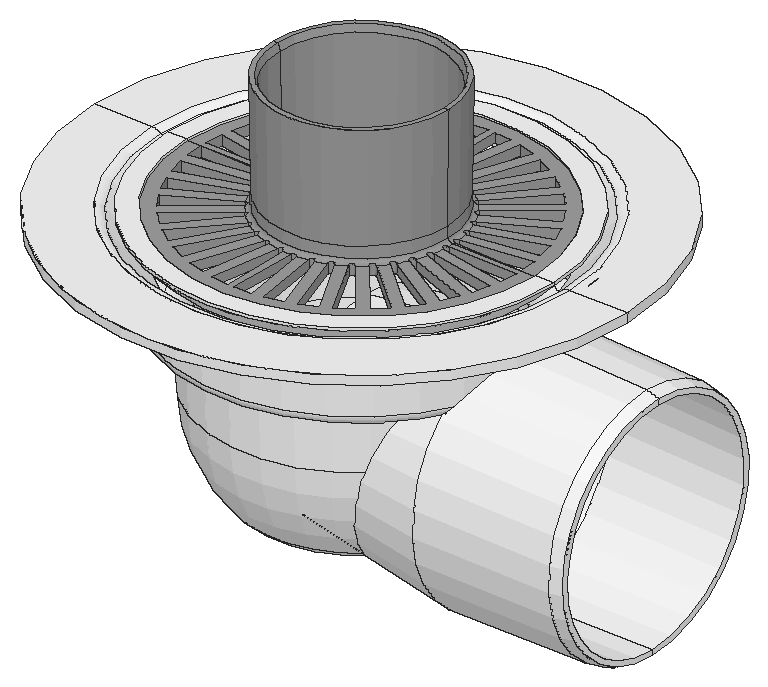
Revit family "3000.113.6-114.6 Down Pipe Junction 65x100 SE", category Plumbing Fixtures, Revit 2020
Family settings
  Round Connector Dimension = Use Diameter
  Part Type = Normal
  OmniClass Number = 23.13.41.39
  Work Plane-Based = No
  Always vertical = Yes
  Cut with Voids When Loaded = No
  Shared = No
  Room Calculation Point = No
Parameters (values of type "3000.113.6 65x100 Vented")
  Waste Connection = yes
  Vented = yes
  Vent Connection = no
  URL = "www.aquaknight.co.nz"
  Phone = "+6498322214"  # constant formula
  Non-Vented = no
  Model = "3000.113.6"
  Manufacturer = "Aquanight Industries Ltd"  # constant formula
  HW Connection = no
  Email = "info@aquaknight.co.nz"  # constant formula
  Description = "Down-Pipe Junction 65mm Inlet w 100mm Outlet Vented Side Exit Big Flange"
  Default Elevation = 0 mm
  CW Connection = no
Types (2, lengths in mm): name | Vented | Non-Vented | Model | Description
  3000.114.6 65x100 Non-Vented | no | yes | "3000.114.6" | "Down-Pipe Junction 65mm Inlet w 100mm Outlet Non-Vented Side Exit Big Flange"
  3000.113.6 65x100 Vented | yes | no | "3000.113.6" | "Down-Pipe Junction 65mm Inlet w 100mm Outlet Vented Side Exit Big Flange"
Reference planes
  plane 1 "Center (Front/Back)": y = 0
  plane 2: z = 0
  plane 3 "Center (Left/Right)": x = 0
  plane 4: z = 13.565
  plane 5: through (127.099, -1524, -78.504) normal (-0.0262, 0, -0.9997)
  plane 6: through (99.276, -1524, -17.442) normal (0.9997, 0, -0.0262)
Forms (mm)
  Revolve 1, solid, material "Plastic, Glossy White"
    sketch origin (0, 0, -4) x (1, 0, 0) y (0, 0, 1)
      loop
        line (-114.941, 0) -> (-90.95, 0)
        arc (-90.95, 0) -> (-89.953, -0.207) -> (-89.122, -0.795) r 2.5
        line (-89.122, -0.795) -> (-77.37, -13.398)
        arc (-77.37, -13.398) -> (-76.888, -14.146) -> (-76.7, -15.015) r 2.5
        line (-76.7, -15.015) -> (-76.041, -33.863)
        arc (-76.041, -33.863) -> (-74.945, -36.477) -> (-72.392, -37.708) r 4
        line (-72.392, -37.708) -> (-67.747, -38.114)
        arc (-67.747, -38.114) -> (-64.555, -39.654) -> (-63.185, -42.921) r 5
        line (-63.185, -42.921) -> (-62.476, -63.239)
        arc (-62.476, -63.239) -> (-58.06, -84.467) -> (-46.809, -103.001) r 64
        arc (-46.809, -103.001) -> (-43.138, -106) -> (-38.676, -107.602) r 14
        line (-38.676, -107.602) -> (0, -114.422) -> (0, -110.36) -> (-37.763, -103.701)
        arc (-37.763, -103.701) -> (-40.976, -102.549) -> (-43.623, -100.393) r 10.105
        arc (-43.623, -100.393) -> (-54.208, -83.003) -> (-58.363, -63.074) r 59.956
        line (-58.363, -63.074) -> (-59.078, -42.67)
        arc (-59.078, -42.67) -> (-61.586, -36.858) -> (-67.298, -34.13) r 9.009
        line (-67.298, -34.13) -> (-71.95, -33.723) -> (-72.694, -12.447) -> (-86.577, 2.424)
        arc (-86.577, 2.424) -> (-88.235, 3.588) -> (-90.217, 4) r 5.009
        line (-90.217, 4) -> (-115, 4) -> (-114.941, 0)
      loop
        line (-83.294, 3.294) -> (-75.5, -4.5) -> (-73.659, -4.5) -> (-73.659, 0) -> (-75.161, 0) -> (-75.161, 4.5) -> (-83.294, 4.5) -> (-83.294, 3.294)
      axis (0, 4.5) -> (0, -114.422)
    angle from 0 to 360
  Revolve 2, solid, material "Stainless Steel", visible <- "Non-Vented"
    sketch origin (0, 0, 0) x (1, 0, 0) y (0, 0, 1)
      loop
        line (-39.589, 4.5) -> (-83.625, 4.5) -> (-83.625, 0.5) -> (-34.907, 0.5) -> (-31.372, -3.036) -> (-30.57, -3.036) -> (-30.57, 1.118) -> (-34.442, 4.99) -> (-35.073, 52.927) -> (-35.924, 55.995) -> (-37.905, 55.995) -> (-37.262, 6.858)
        arc (-37.262, 6.858) -> (-37.932, 5.192) -> (-39.589, 4.5) r 2.327
      axis (0, 55.995) -> (0, -3.036)
    angle from 0 to 360
  Revolve 3, solid, material "Plastic, Glossy White"
    sketch origin (0, 0, 0) x (1, 0, 0) y (0, 0, 1)
      loop
        line (62.877, -129.509) -> (120.754, -129.866) -> (125.789, -128.55) -> (125.849, -126.257) -> (67.483, -126.259) -> (0, -114.36) -> (0, -118.422) -> (62.877, -129.509)
      axis (127.099, -78.504) -> (1.025, -75.202)
    angle from 0 to 360
  Revolve 4, solid, material "Stainless Steel", visible <- "Vented"
    sketch origin (0, 0, 0) x (1, 0, 0) y (0, 0, 1)
      loop
        line (-37.905, 51.495) -> (-37.316, 6.5) -> (-37.517, 1.764)
        arc (-37.517, 1.764) -> (-38.082, 0.512) -> (-39.357, 0) r 1.842
        line (-39.357, 0) -> (-74.75, 0) -> (-74.75, -4) -> (-35.1, -4) -> (-31.651, -7.448) -> (-30.525, -7.448) -> (-30.896, -3.048) -> (-34.442, 0.488) -> (-35.073, 48.443) -> (-35.924, 51.495) -> (-37.905, 51.495)
      axis (0, 51.495) -> (0, -7.448)
    angle from 0 to 360
  Extrusion 5, void
    sketch origin (0, 0, 0) x (0, 1, 0) y (-1, 0, 0)
      loop
        line (66.053, 19.783) -> (38.103, 10.576)
        arc (38.103, 10.576) -> (37.29, 9.124) -> (38.665, 8.188) r 1.231
        line (38.665, 8.188) -> (67.789, 12.402)
        arc (67.789, 12.402) -> (67.021, 16.116) -> (66.053, 19.783) r 70.4
      loop
        line (61.502, 31.175) -> (35.626, 17.16)
        arc (35.626, 17.16) -> (35.083, 15.588) -> (36.602, 14.91) r 1.231
        line (36.602, 14.91) -> (64.519, 24.218)
        arc (64.519, 24.218) -> (63.104, 27.737) -> (61.502, 31.175) r 70.4
      loop
        line (55.016, 41.565) -> (32.028, 23.193)
        arc (32.028, 23.193) -> (31.771, 21.549) -> (33.387, 21.151) r 1.231
        line (33.387, 21.151) -> (59.216, 35.252)
        arc (59.216, 35.252) -> (57.201, 38.465) -> (55.016, 41.565) r 70.4
      loop
        line (46.78, 50.657) -> (27.411, 28.502)
        arc (27.411, 28.502) -> (27.45, 26.838) -> (29.11, 26.732) r 1.231
        line (29.11, 26.732) -> (52.032, 45.187)
        arc (52.032, 45.187) -> (49.479, 47.993) -> (46.78, 50.657) r 70.4
      loop
        line (37.167, 58.078) -> (21.986, 32.869)
        arc (21.986, 32.869) -> (22.316, 31.238) -> (23.969, 31.425) r 1.231
        line (23.969, 31.425) -> (43.297, 53.615)
        arc (43.297, 53.615) -> (40.292, 55.929) -> (37.167, 58.078) r 70.4
      loop
        line (26.287, 63.745) -> (15.813, 36.244)
        arc (15.813, 36.244) -> (16.427, 34.698) -> (18.021, 35.175) r 1.231
        line (18.021, 35.175) -> (33.111, 60.439)
        arc (33.111, 60.439) -> (29.743, 62.184) -> (26.287, 63.745) r 70.4
      loop
        line (14.593, 67.39) -> (9.151, 38.47)
        arc (9.151, 38.47) -> (10.028, 37.057) -> (11.513, 37.808) r 1.231
        line (11.513, 37.808) -> (21.895, 65.344)
        arc (21.895, 65.344) -> (18.272, 66.465) -> (14.593, 67.39) r 70.4
      loop
        line (2.42, 68.91) -> (2.189, 39.483)
        arc (2.189, 39.483) -> (3.303, 38.248) -> (4.631, 39.25) r 1.231
        line (4.631, 39.25) -> (9.969, 68.189)
        arc (9.969, 68.189) -> (6.204, 68.651) -> (2.42, 68.91) r 70.4
      loop
        line (68.515, 7.754) -> (39.375, 3.65)
        arc (39.375, 3.65) -> (38.317, 2.366) -> (39.504, 1.2) r 1.231
        line (39.504, 1.2) -> (68.914, 0.181)
        arc (68.914, 0.181) -> (68.817, 3.973) -> (68.515, 7.754) r 70.4
      loop
        line (-19.783, 66.053) -> (-10.576, 38.103)
        arc (-10.576, 38.103) -> (-9.124, 37.29) -> (-8.188, 38.665) r 1.231
        line (-8.188, 38.665) -> (-12.402, 67.789)
        arc (-12.402, 67.789) -> (-16.116, 67.021) -> (-19.783, 66.053) r 70.4
      loop
        line (-31.175, 61.502) -> (-17.16, 35.626)
        arc (-17.16, 35.626) -> (-15.588, 35.083) -> (-14.91, 36.602) r 1.231
        line (-14.91, 36.602) -> (-24.218, 64.519)
        arc (-24.218, 64.519) -> (-27.737, 63.104) -> (-31.175, 61.502) r 70.4
      loop
        line (-41.565, 55.016) -> (-23.193, 32.028)
        arc (-23.193, 32.028) -> (-21.549, 31.771) -> (-21.151, 33.387) r 1.231
        line (-21.151, 33.387) -> (-35.252, 59.216)
        arc (-35.252, 59.216) -> (-38.465, 57.201) -> (-41.565, 55.016) r 70.4
      loop
        line (-50.657, 46.78) -> (-28.502, 27.411)
        arc (-28.502, 27.411) -> (-26.838, 27.45) -> (-26.732, 29.11) r 1.231
        line (-26.732, 29.11) -> (-45.187, 52.032)
        arc (-45.187, 52.032) -> (-47.993, 49.479) -> (-50.657, 46.78) r 70.4
      loop
        line (-58.078, 37.167) -> (-32.869, 21.986)
        arc (-32.869, 21.986) -> (-31.238, 22.316) -> (-31.425, 23.969) r 1.231
        line (-31.425, 23.969) -> (-53.615, 43.297)
        arc (-53.615, 43.297) -> (-55.929, 40.292) -> (-58.078, 37.167) r 70.4
      loop
        line (-63.745, 26.287) -> (-36.244, 15.813)
        arc (-36.244, 15.813) -> (-34.698, 16.427) -> (-35.175, 18.021) r 1.231
        line (-35.175, 18.021) -> (-60.439, 33.111)
        arc (-60.439, 33.111) -> (-62.184, 29.743) -> (-63.745, 26.287) r 70.4
      loop
        line (-67.39, 14.593) -> (-38.47, 9.151)
        arc (-38.47, 9.151) -> (-37.057, 10.028) -> (-37.808, 11.513) r 1.231
        line (-37.808, 11.513) -> (-65.344, 21.895)
        arc (-65.344, 21.895) -> (-66.465, 18.272) -> (-67.39, 14.593) r 70.4
      loop
        line (-68.91, 2.42) -> (-39.483, 2.189)
        arc (-39.483, 2.189) -> (-38.248, 3.303) -> (-39.25, 4.631) r 1.231
        line (-39.25, 4.631) -> (-68.189, 9.969)
        arc (-68.189, 9.969) -> (-68.651, 6.204) -> (-68.91, 2.42) r 70.4
      loop
        line (-7.754, 68.515) -> (-3.65, 39.375)
        arc (-3.65, 39.375) -> (-2.366, 38.317) -> (-1.2, 39.504) r 1.231
        line (-1.2, 39.504) -> (-0.181, 68.914)
        arc (-0.181, 68.914) -> (-3.973, 68.817) -> (-7.754, 68.515) r 70.4
      loop
        line (-66.053, -19.783) -> (-38.103, -10.576)
        arc (-38.103, -10.576) -> (-37.29, -9.124) -> (-38.665, -8.188) r 1.231
        line (-38.665, -8.188) -> (-67.789, -12.402)
        arc (-67.789, -12.402) -> (-67.021, -16.116) -> (-66.053, -19.783) r 70.4
      loop
        line (-61.502, -31.175) -> (-35.626, -17.16)
        arc (-35.626, -17.16) -> (-35.083, -15.588) -> (-36.602, -14.91) r 1.231
        line (-36.602, -14.91) -> (-64.519, -24.218)
        arc (-64.519, -24.218) -> (-63.104, -27.737) -> (-61.502, -31.175) r 70.4
      loop
        line (-55.016, -41.565) -> (-32.028, -23.193)
        arc (-32.028, -23.193) -> (-31.771, -21.549) -> (-33.387, -21.151) r 1.231
        line (-33.387, -21.151) -> (-59.216, -35.252)
        arc (-59.216, -35.252) -> (-57.201, -38.465) -> (-55.016, -41.565) r 70.4
      loop
        line (-46.78, -50.657) -> (-27.411, -28.502)
        arc (-27.411, -28.502) -> (-27.45, -26.838) -> (-29.11, -26.732) r 1.231
        line (-29.11, -26.732) -> (-52.032, -45.187)
        arc (-52.032, -45.187) -> (-49.479, -47.993) -> (-46.78, -50.657) r 70.4
      loop
        line (-37.167, -58.078) -> (-21.986, -32.869)
        arc (-21.986, -32.869) -> (-22.316, -31.238) -> (-23.969, -31.425) r 1.231
        line (-23.969, -31.425) -> (-43.297, -53.615)
        arc (-43.297, -53.615) -> (-40.292, -55.929) -> (-37.167, -58.078) r 70.4
      loop
        line (-26.287, -63.745) -> (-15.813, -36.244)
        arc (-15.813, -36.244) -> (-16.427, -34.698) -> (-18.021, -35.175) r 1.231
        line (-18.021, -35.175) -> (-33.111, -60.439)
        arc (-33.111, -60.439) -> (-29.743, -62.184) -> (-26.287, -63.745) r 70.4
      loop
        line (-14.593, -67.39) -> (-9.151, -38.47)
        arc (-9.151, -38.47) -> (-10.028, -37.057) -> (-11.513, -37.808) r 1.231
        line (-11.513, -37.808) -> (-21.895, -65.344)
        arc (-21.895, -65.344) -> (-18.272, -66.465) -> (-14.593, -67.39) r 70.4
      loop
        line (-2.42, -68.91) -> (-2.189, -39.483)
        arc (-2.189, -39.483) -> (-3.303, -38.248) -> (-4.631, -39.25) r 1.231
        line (-4.631, -39.25) -> (-9.969, -68.189)
        arc (-9.969, -68.189) -> (-6.204, -68.651) -> (-2.42, -68.91) r 70.4
      loop
        line (-68.515, -7.754) -> (-39.375, -3.65)
        arc (-39.375, -3.65) -> (-38.317, -2.366) -> (-39.504, -1.2) r 1.231
        line (-39.504, -1.2) -> (-68.914, -0.181)
        arc (-68.914, -0.181) -> (-68.817, -3.973) -> (-68.515, -7.754) r 70.4
      loop
        line (19.783, -66.053) -> (10.576, -38.103)
        arc (10.576, -38.103) -> (9.124, -37.29) -> (8.188, -38.665) r 1.231
        line (8.188, -38.665) -> (12.402, -67.789)
        arc (12.402, -67.789) -> (16.116, -67.021) -> (19.783, -66.053) r 70.4
      loop
        line (31.175, -61.502) -> (17.16, -35.626)
        arc (17.16, -35.626) -> (15.588, -35.083) -> (14.91, -36.602) r 1.231
        line (14.91, -36.602) -> (24.218, -64.519)
        arc (24.218, -64.519) -> (27.737, -63.104) -> (31.175, -61.502) r 70.4
      loop
        line (41.565, -55.016) -> (23.193, -32.028)
        arc (23.193, -32.028) -> (21.549, -31.771) -> (21.151, -33.387) r 1.231
        line (21.151, -33.387) -> (35.252, -59.216)
        arc (35.252, -59.216) -> (38.465, -57.201) -> (41.565, -55.016) r 70.4
      loop
        line (50.657, -46.78) -> (28.502, -27.411)
        arc (28.502, -27.411) -> (26.838, -27.45) -> (26.732, -29.11) r 1.231
        line (26.732, -29.11) -> (45.187, -52.032)
        arc (45.187, -52.032) -> (47.993, -49.479) -> (50.657, -46.78) r 70.4
      loop
        line (58.078, -37.167) -> (32.869, -21.986)
        arc (32.869, -21.986) -> (31.238, -22.316) -> (31.425, -23.969) r 1.231
        line (31.425, -23.969) -> (53.615, -43.297)
        arc (53.615, -43.297) -> (55.929, -40.292) -> (58.078, -37.167) r 70.4
      loop
        line (63.745, -26.287) -> (36.244, -15.813)
        arc (36.244, -15.813) -> (34.698, -16.427) -> (35.175, -18.021) r 1.231
        line (35.175, -18.021) -> (60.439, -33.111)
        arc (60.439, -33.111) -> (62.184, -29.743) -> (63.745, -26.287) r 70.4
      loop
        line (67.39, -14.593) -> (38.47, -9.151)
        arc (38.47, -9.151) -> (37.057, -10.028) -> (37.808, -11.513) r 1.231
        line (37.808, -11.513) -> (65.344, -21.895)
        arc (65.344, -21.895) -> (66.465, -18.272) -> (67.39, -14.593) r 70.4
      loop
        line (68.91, -2.42) -> (39.483, -2.189)
        arc (39.483, -2.189) -> (38.248, -3.303) -> (39.25, -4.631) r 1.231
        line (39.25, -4.631) -> (68.189, -9.969)
        arc (68.189, -9.969) -> (68.651, -6.204) -> (68.91, -2.42) r 70.4
      loop
        line (7.754, -68.515) -> (3.65, -39.375)
        arc (3.65, -39.375) -> (2.366, -38.317) -> (1.2, -39.504) r 1.231
        line (1.2, -39.504) -> (0.181, -68.914)
        arc (0.181, -68.914) -> (3.973, -68.817) -> (7.754, -68.515) r 70.4
    from -22.418 to 35.705
Cuts and joins
  Extrusion 5 cuts Revolve 4
Lines and regions (mm)
  Masking region 1
    outline origin (0, 0, 0) x (0, 1, 0) y (-1, 0, 0)
      loop
        circle (0, 0) r 115
  model lines, detail levels fine
    curve 1: circle (-57.543, 56.127, 0) r 4 normal (0, 0, 1)
    curve 2: circle (55.594, 56.127, 0) r 4 normal (0, 0, 1)
    curve 3: circle (55.594, -57.01, 0) r 4 normal (0, 0, 1)
    curve 4: circle (-57.543, -57.01, 0) r 4 normal (0, 0, 1)
    curve 6: circle (-0.114, 104.919, 0) r 4.5 normal (0, 0, 1)
    curve 7: circle (-91.047, 52.419, 0) r 4.5 normal (0, 0, 1)
    curve 8: circle (90.819, 52.419, 0) r 4.5 normal (0, 0, 1)
    curve 9: circle (90.819, -52.581, 0) r 4.5 normal (0, 0, 1)
    curve 10: circle (-0.114, -105.081, 0) r 4.5 normal (0, 0, 1)
    curve 11: circle (-91.047, -52.581, 0) r 4.5 normal (0, 0, 1)
    curve 12: circle (0, 105, 0) r 4.5 normal (0, 0, 1)
  model lines
    curve 5: line (125.849, 0, -126.257) -> (128.35, 0, -30.751)
  symbolic lines, detail levels fine
    curve 13: circle (-90.933, 52.5, 0) r 4.5 normal (0, 0, 1)
    curve 14: circle (-90.933, -52.5, 0) r 4.5 normal (0, 0, 1)
    curve 15: circle (0, -105, 0) r 4.5 normal (0, 0, 1)
    curve 16: circle (90.933, -52.5, 0) r 4.5 normal (0, 0, 1)
    curve 17: circle (90.933, 52.5, 0) r 4.5 normal (0, 0, 1)
    curve 18: circle (0, 105, 0) r 4.5 normal (0, 0, 1)
  symbolic lines, detail levels medium+fine
    curve 19: circle (0, 0, 0) r 86.577 normal (0, 0, 1)
    curve 21: circle (0, 0, 0) r 35 normal (0, 0, 1)
    curve 22: circle (0, 0, 0) r 30.896 normal (0, 0, 1)
  symbolic lines, visible <- "Non-Vented", detail levels medium+fine
    curve 20: circle (0, 0, 0) r 75.5 normal (0, 0, 1)
Dimensions and locks
  locked: plane 4 to level at 13.565
  locked: connector elem to plane 3 "Center (Left/Right)"
  locked: connector elem to plane 1 "Center (Front/Back)"  (x2)
  locked: connector elem to plane 5
  aligned and locked: level to plane 2
  aligned and locked: Revolve 1 sketch curve to Revolve 1 sketch curve
  aligned and locked: Revolve 3 sketch curve to curve 5
  aligned and locked: Revolve 3 sketch curve to plane 3 "Center (Left/Right)"
  aligned and locked: Revolve 3 sketch curve to plane 5
  aligned and locked: Revolve 1 to Revolve 4 sketch curve
  aligned and locked: curve 18 to curve 12
Automatic sketch dimensions
  plane 1 "Center (Front/Back)" to curve 4 = 57.01 mm
  curve 2 to plane 1 "Center (Front/Back)" = 56.127 mm
  curve 4 to plane 3 "Center (Left/Right)" = 57.543 mm
  Revolve 1 sketch curve to level = 0 mm
  Revolve 1 sketch curve to plane 3 "Center (Left/Right)" = 0 mm
  Revolve 1 sketch curve to level = 4.795 mm
  Revolve 1 sketch curve to level = 0.706 mm
  Revolve 1 sketch curve to level = 17.398 mm
  Revolve 1 sketch curve to level = 19.015 mm
  Revolve 1 sketch curve to level = 37.863 mm
  Revolve 1 sketch curve to level = 8.5 mm
  Revolve 1 sketch curve to level = 41.708 mm
  Revolve 1 sketch curve to Revolve 1 sketch curve = 0.106 mm
  Revolve 1 sketch curve to level = 42.114 mm
  level to Revolve 1 sketch curve = 0.5 mm
  Revolve 1 sketch curve to Revolve 1 sketch curve = 0.448 mm
  Revolve 1 sketch curve to level = 38.13 mm
  Revolve 1 sketch curve to Revolve 1 sketch curve = 0.001 mm
  Revolve 1 sketch curve to Revolve 1 sketch curve = 3.186 mm
  Revolve 1 sketch curve to Revolve 1 sketch curve = 0 mm  (x9)
  Revolve 1 sketch curve to Revolve 1 sketch curve = 0.71 mm
  Revolve 1 sketch curve to Revolve 1 sketch curve = 4.947 mm
  Revolve 1 sketch curve to Revolve 1 sketch curve = 4.112 mm
  Revolve 1 sketch curve to Revolve 1 sketch curve = 0.913 mm
  Revolve 3 sketch curve to plane 3 "Center (Left/Right)" = 9.429 mm
  Revolve 3 sketch curve to level = 78.504 mm
  Revolve 2 sketch curve to plane 3 "Center (Left/Right)" = 0 mm
  Revolve 2 sketch curve to plane 4 = 6.737 mm
  level to Revolve 2 sketch curve = 0.5 mm
  Revolve 2 sketch curve to Revolve 2 sketch curve = 44.036 mm
  Revolve 2 sketch curve to plane 4 = 6.707 mm
  Revolve 2 sketch curve to Revolve 2 sketch curve = 4.681 mm
  Revolve 2 sketch curve to Revolve 2 sketch curve = 3.536 mm
  Revolve 2 sketch curve to Revolve 2 sketch curve = 0.802 mm
  Revolve 2 sketch curve to level = 3.036 mm
  level to Revolve 2 sketch curve = 1.118 mm
  level to Revolve 2 sketch curve = 4.99 mm
  Revolve 2 sketch curve to plane 4 = 2.069 mm
  Revolve 2 sketch curve to Revolve 2 sketch curve = 25.5 mm
  Revolve 1 sketch curve to plane 3 "Center (Left/Right)" = 36.008 mm
  Revolve 1 sketch curve to Revolve 1 sketch curve = 0.237 mm
  Revolve 1 sketch curve to Revolve 1 sketch curve = 2.431 mm
  Revolve 1 sketch curve to Revolve 1 sketch curve = 22.833 mm
  Revolve 1 sketch curve to Revolve 1 sketch curve = 3.398 mm
  Revolve 1 sketch curve to Revolve 1 sketch curve = 4.561 mm
  Revolve 1 sketch curve to Revolve 1 sketch curve = 4.891 mm
  Revolve 1 sketch curve to Revolve 1 sketch curve = 4.652 mm
  Revolve 1 sketch curve to Revolve 1 sketch curve = 0.093 mm
  Revolve 1 sketch curve to Revolve 1 sketch curve = 0.349 mm
  Revolve 1 sketch curve to level = 16.447 mm
  Revolve 1 sketch curve to Revolve 1 sketch curve = 0.65 mm
  Revolve 1 sketch curve to Revolve 1 sketch curve = 0.964 mm
  Revolve 1 sketch curve to Revolve 1 sketch curve = 1.502 mm
  Revolve 1 sketch curve to Revolve 1 sketch curve = 1.841 mm
  Revolve 1 sketch curve to Revolve 1 sketch curve = 3.998 mm
  Revolve 1 sketch curve to Revolve 1 sketch curve = 4.005 mm
  Revolve 1 sketch curve to Revolve 1 sketch curve = 0.67 mm
  Revolve 1 sketch curve to Revolve 1 sketch curve = 1.828 mm
  Revolve 1 sketch curve to Revolve 1 sketch curve = 8.133 mm
  Revolve 1 sketch curve to level = 1.576 mm
  Revolve 1 sketch curve to Revolve 1 sketch curve = 3.283 mm
  Revolve 1 sketch curve to Revolve 1 sketch curve = 2.545 mm
  Revolve 1 sketch curve to Revolve 1 sketch curve = 3.64 mm
  Revolve 1 sketch curve to Revolve 1 sketch curve = 1.102 mm
  Revolve 1 sketch curve to Revolve 1 sketch curve = 0.726 mm
  Revolve 1 sketch curve to level = 4 mm  (x2)
  Revolve 1 sketch curve to Revolve 1 sketch curve = 23.991 mm
  Revolve 1 sketch curve to Revolve 1 sketch curve = 0.059 mm
  plane 3 "Center (Left/Right)" to Revolve 1 sketch curve = 1.485 mm
  Revolve 1 sketch curve to Revolve 1 sketch curve = 0.071 mm
  Revolve 1 sketch curve to Revolve 1 sketch curve = 30.51 mm
  Revolve 1 sketch curve to Revolve 1 sketch curve = 0.065 mm
  Revolve 1 sketch curve to Revolve 1 sketch curve = 13.787 mm
  Revolve 1 sketch curve to Revolve 1 sketch curve = 2.758 mm
  Revolve 1 sketch curve to Revolve 1 sketch curve = 4.062 mm
  Revolve 1 sketch curve to Revolve 1 sketch curve = 0.028 mm
  Revolve 1 sketch curve to Revolve 1 sketch curve = 0.01 mm
  Revolve 1 sketch curve to Revolve 1 sketch curve = 0.251 mm
  Revolve 1 sketch curve to Revolve 1 sketch curve = 2.609 mm
  Revolve 2 sketch curve to plane 3 "Center (Left/Right)" = 30.57 mm
  Revolve 2 sketch curve to Revolve 2 sketch curve = 0.465 mm
  Revolve 2 sketch curve to plane 3 "Center (Left/Right)" = 35.073 mm
  Revolve 2 sketch curve to Revolve 2 sketch curve = 0.851 mm
  Revolve 2 sketch curve to Revolve 2 sketch curve = 2.327 mm
  Revolve 2 sketch curve to Revolve 2 sketch curve = 1.98 mm
  Revolve 2 sketch curve to Revolve 2 sketch curve = 3.068 mm
  plane 3 "Center (Left/Right)" to Revolve 3 sketch curve = 62.877 mm
  Revolve 3 sketch curve to Revolve 3 sketch curve = 4.607 mm
  Revolve 3 sketch curve to Revolve 3 sketch curve = 6.346 mm
  Revolve 3 sketch curve to Revolve 3 sketch curve = 5.035 mm
  Revolve 3 sketch curve to Revolve 3 sketch curve = 0.06 mm
  Revolve 3 sketch curve to Revolve 3 sketch curve = 0.958 mm
  Revolve 3 sketch curve to Revolve 3 sketch curve = 1.316 mm
  Revolve 3 sketch curve to Revolve 3 sketch curve = 3.249 mm
  Revolve 3 sketch curve to Revolve 3 sketch curve = 43.493 mm
  Revolve 3 sketch curve to Revolve 3 sketch curve = 4.062 mm
  Revolve 4 sketch curve to level = 0 mm
  Revolve 4 sketch curve to plane 3 "Center (Left/Right)" = 0 mm
  Revolve 4 sketch curve to Revolve 4 sketch curve = 4.915 mm
  level to Revolve 4 sketch curve = 1.842 mm
  Revolve 4 sketch curve to plane 4 = 3.749 mm
  Revolve 4 sketch curve to Revolve 4 sketch curve = 11.373 mm
  Revolve 1 to Extrusion 5 sketch curve = 0 mm  (x2)
  Revolve 1 to Extrusion 5 sketch curve = 2.189 mm
  Revolve 1 to Extrusion 5 sketch curve = 2.42 mm
  Revolve 1 to Extrusion 5 sketch curve = 2.43 mm
  Extrusion 5 sketch curve to Extrusion 5 sketch curve = 1.231 mm  (x4)
  Extrusion 5 sketch curve to Extrusion 5 sketch curve = 1.219 mm  (x5)
  Extrusion 5 sketch curve to Extrusion 5 sketch curve = 1.211 mm  (x2)
  Revolve 1 to Extrusion 5 sketch curve = 7.754 mm
  Extrusion 5 sketch curve to Extrusion 5 sketch curve = 4.538 mm  (x3)
  Extrusion 5 sketch curve to Extrusion 5 sketch curve = 4.52 mm  (x4)
  Extrusion 5 sketch curve to Extrusion 5 sketch curve = 7.548 mm  (x3)
  Extrusion 5 sketch curve to Extrusion 5 sketch curve = 1.21 mm  (x4)
  Extrusion 5 sketch curve to Extrusion 5 sketch curve = 1.169 mm  (x2)
  Extrusion 5 sketch curve to Extrusion 5 sketch curve = 1.152 mm  (x2)
  Extrusion 5 sketch curve to Extrusion 5 sketch curve = 4.648 mm  (x3)
  Extrusion 5 sketch curve to Extrusion 5 sketch curve = 4.625 mm  (x4)
  Extrusion 5 sketch curve to Extrusion 5 sketch curve = 4.334 mm  (x4)
  Extrusion 5 sketch curve to Extrusion 5 sketch curve = 4.3 mm  (x4)
  Extrusion 5 sketch curve to Extrusion 5 sketch curve = 1.168 mm  (x4)
  Extrusion 5 sketch curve to Extrusion 5 sketch curve = 1.151 mm  (x4)
  Extrusion 5 sketch curve to Extrusion 5 sketch curve = 1.083 mm  (x2)
  Extrusion 5 sketch curve to Extrusion 5 sketch curve = 1.057 mm  (x2)
  Extrusion 5 sketch curve to Extrusion 5 sketch curve = 7.381 mm  (x2)
  Extrusion 5 sketch curve to Extrusion 5 sketch curve = 3.99 mm  (x4)
  Extrusion 5 sketch curve to Extrusion 5 sketch curve = 7.301 mm  (x3)
  Extrusion 5 sketch curve to Extrusion 5 sketch curve = 3.965 mm  (x4)
  Extrusion 5 sketch curve to Extrusion 5 sketch curve = 1.081 mm  (x4)
  Extrusion 5 sketch curve to Extrusion 5 sketch curve = 1.055 mm  (x4)
  Extrusion 5 sketch curve to Extrusion 5 sketch curve = 0.962 mm  (x2)
  Extrusion 5 sketch curve to Extrusion 5 sketch curve = 0.928 mm  (x2)
  Extrusion 5 sketch curve to Extrusion 5 sketch curve = 4.435 mm  (x4)
  Extrusion 5 sketch curve to Extrusion 5 sketch curve = 4.392 mm  (x4)
  Extrusion 5 sketch curve to Extrusion 5 sketch curve = 3.539 mm  (x4)
  Extrusion 5 sketch curve to Extrusion 5 sketch curve = 3.442 mm  (x4)
  Extrusion 5 sketch curve to Extrusion 5 sketch curve = 0.959 mm  (x4)
  Extrusion 5 sketch curve to Extrusion 5 sketch curve = 0.927 mm  (x4)
  Extrusion 5 sketch curve to Extrusion 5 sketch curve = 0.81 mm  (x2)
  Extrusion 5 sketch curve to Extrusion 5 sketch curve = 0.772 mm  (x2)
  Extrusion 5 sketch curve to Extrusion 5 sketch curve = 6.957 mm  (x3)
  Extrusion 5 sketch curve to Extrusion 5 sketch curve = 2.923 mm  (x4)
  Extrusion 5 sketch curve to Extrusion 5 sketch curve = 2.918 mm  (x4)
  Extrusion 5 sketch curve to Extrusion 5 sketch curve = 0.809 mm  (x4)
  Extrusion 5 sketch curve to Extrusion 5 sketch curve = 0.769 mm  (x4)
  Extrusion 5 sketch curve to Extrusion 5 sketch curve = 0.635 mm  (x2)
  Extrusion 5 sketch curve to Extrusion 5 sketch curve = 6.824 mm  (x3)
  Extrusion 5 sketch curve to Extrusion 5 sketch curve = 0.59 mm  (x2)
  Extrusion 5 sketch curve to Extrusion 5 sketch curve = 2.306 mm  (x4)
  Extrusion 5 sketch curve to Extrusion 5 sketch curve = 4.077 mm  (x4)
  Extrusion 5 sketch curve to Extrusion 5 sketch curve = 2.24 mm  (x4)
  Extrusion 5 sketch curve to Extrusion 5 sketch curve = 0.631 mm  (x4)
  Extrusion 5 sketch curve to Extrusion 5 sketch curve = 0.586 mm  (x4)
  Extrusion 5 sketch curve to Extrusion 5 sketch curve = 0.438 mm  (x2)
  Extrusion 5 sketch curve to Extrusion 5 sketch curve = 0.389 mm  (x2)
  Extrusion 5 sketch curve to Extrusion 5 sketch curve = 4.056 mm  (x4)
  Extrusion 5 sketch curve to Extrusion 5 sketch curve = 1.564 mm  (x4)
  Extrusion 5 sketch curve to Extrusion 5 sketch curve = 1.501 mm  (x3)
  Extrusion 5 sketch curve to Extrusion 5 sketch curve = 0.434 mm  (x4)
  Extrusion 5 sketch curve to Extrusion 5 sketch curve = 0.228 mm  (x2)
  Extrusion 5 sketch curve to Extrusion 5 sketch curve = 0.385 mm  (x4)
  Extrusion 5 sketch curve to Extrusion 5 sketch curve = 0.176 mm  (x2)
  Extrusion 5 sketch curve to Extrusion 5 sketch curve = 0.78 mm  (x4)
  Extrusion 5 sketch curve to Extrusion 5 sketch curve = 0.71 mm  (x4)
  Extrusion 5 sketch curve to Extrusion 5 sketch curve = 0.223 mm  (x4)
  Extrusion 5 sketch curve to Extrusion 5 sketch curve = 0.01 mm  (x2)
  Extrusion 5 sketch curve to Extrusion 5 sketch curve = 0.129 mm  (x4)
  Extrusion 5 sketch curve to Extrusion 5 sketch curve = 0.043 mm  (x2)
  Extrusion 5 sketch curve to Extrusion 5 sketch curve = 6.313 mm  (x3)
  Extrusion 5 sketch curve to Extrusion 5 sketch curve = 6.13 mm  (x3)
  Extrusion 5 sketch curve to Extrusion 5 sketch curve = 3.622 mm  (x4)
  Extrusion 5 sketch curve to Extrusion 5 sketch curve = 3.483 mm  (x4)
  Extrusion 5 sketch curve to Extrusion 5 sketch curve = 5.469 mm  (x3)
  Extrusion 5 sketch curve to Extrusion 5 sketch curve = 5.252 mm  (x3)
  Extrusion 5 sketch curve to Extrusion 5 sketch curve = 2.958 mm  (x4)
  Extrusion 5 sketch curve to Extrusion 5 sketch curve = 2.984 mm  (x4)
  Extrusion 5 sketch curve to Extrusion 5 sketch curve = 4.463 mm  (x3)
  Extrusion 5 sketch curve to Extrusion 5 sketch curve = 4.2 mm  (x3)
  Extrusion 5 sketch curve to Extrusion 5 sketch curve = 2.361 mm  (x4)
  Extrusion 5 sketch curve to Extrusion 5 sketch curve = 2.287 mm  (x4)
  Extrusion 5 sketch curve to Extrusion 5 sketch curve = 3.306 mm  (x3)
  Extrusion 5 sketch curve to Extrusion 5 sketch curve = 3.016 mm  (x3)
  Extrusion 5 sketch curve to Extrusion 5 sketch curve = 1.599 mm  (x4)
  Extrusion 5 sketch curve to Extrusion 5 sketch curve = 1.535 mm  (x4)
  Extrusion 5 sketch curve to Extrusion 5 sketch curve = 2.047 mm  (x3)
  Extrusion 5 sketch curve to Extrusion 5 sketch curve = 1.736 mm  (x3)
  Extrusion 5 sketch curve to Extrusion 5 sketch curve = 0.799 mm  (x4)
  Extrusion 5 sketch curve to Extrusion 5 sketch curve = 0.726 mm  (x4)
  Extrusion 5 sketch curve to Extrusion 5 sketch curve = 0.72 mm  (x3)
  Extrusion 5 sketch curve to Extrusion 5 sketch curve = 0.004 mm  (x3)
  Extrusion 5 sketch curve to Extrusion 5 sketch curve = 0.024 mm  (x4)
  Extrusion 5 sketch curve to Extrusion 5 sketch curve = 0.056 mm  (x3)
  Extrusion 5 sketch curve to Extrusion 5 sketch curve = 0.071 mm  (x3)
  Extrusion 5 sketch curve to Extrusion 5 sketch curve = 0.108 mm  (x3)
  Extrusion 5 sketch curve to Extrusion 5 sketch curve = 0.116 mm  (x3)
  Revolve 1 to Extrusion 5 sketch curve = 1.2 mm
  Extrusion 5 sketch curve to Extrusion 5 sketch curve = 0.15 mm  (x3)
  Extrusion 5 sketch curve to Extrusion 5 sketch curve = 0.155 mm  (x3)
  Extrusion 5 sketch curve to Extrusion 5 sketch curve = 0.187 mm  (x3)
  Extrusion 5 sketch curve to Extrusion 5 sketch curve = 0.193 mm  (x3)
  Extrusion 5 sketch curve to Extrusion 5 sketch curve = 0.216 mm  (x7)
  Extrusion 5 sketch curve to Extrusion 5 sketch curve = 0.222 mm  (x3)
  Extrusion 5 sketch curve to Extrusion 5 sketch curve = 0.242 mm  (x3)
  Extrusion 5 sketch curve to Extrusion 5 sketch curve = 0.246 mm  (x3)
  Revolve 1 to Extrusion 5 sketch curve = 0.268 mm
  Revolve 1 to Extrusion 5 sketch curve = 0.181 mm
  Extrusion 5 sketch curve to Revolve 1 = 0.181 mm
  Extrusion 5 sketch curve to Revolve 1 = 0.268 mm  (x2)
  Extrusion 5 sketch curve to Extrusion 5 sketch curve = 0.259 mm  (x2)
  Extrusion 5 sketch curve to Revolve 1 = 1.2 mm
  Extrusion 5 sketch curve to Revolve 1 = 2.189 mm
  Extrusion 5 sketch curve to Revolve 1 = 2.42 mm
  Extrusion 5 sketch curve to Extrusion 5 sketch curve = 1.23 mm  (x3)
  Extrusion 5 sketch curve to Extrusion 5 sketch curve = 7.572 mm
  Extrusion 5 sketch curve to Extrusion 5 sketch curve = 0 mm
  Extrusion 5 sketch curve to Extrusion 5 sketch curve = 0.181 mm
  Extrusion 5 sketch curve to Extrusion 5 sketch curve = 0.268 mm  (x2)
  Extrusion 5 sketch curve to Extrusion 5 sketch curve = 1.018 mm
  Extrusion 5 sketch curve to Extrusion 5 sketch curve = 10.376 mm
  Extrusion 5 sketch curve to Extrusion 5 sketch curve = 14.822 mm
  Extrusion 5 sketch curve to Extrusion 5 sketch curve = 2.602 mm  (x2)
  Extrusion 5 sketch curve to Extrusion 5 sketch curve = 3.388 mm  (x2)
  Revolve 4 sketch curve to level = 7.448 mm
  Revolve 4 sketch curve to plane 3 "Center (Left/Right)" = 30.525 mm
  Revolve 4 sketch curve to level = 3.048 mm
  Revolve 4 sketch curve to Revolve 4 sketch curve = 0.372 mm
  Revolve 4 sketch curve to Revolve 4 sketch curve = 1.127 mm
  level to Revolve 4 sketch curve = 0.488 mm
  Revolve 4 sketch curve to Revolve 4 sketch curve = 3.546 mm
  Revolve 4 sketch curve to plane 3 "Center (Left/Right)" = 35.073 mm
  Revolve 4 sketch curve to Revolve 4 sketch curve = 4.203 mm
  Revolve 4 sketch curve to Revolve 4 sketch curve = 0.851 mm
  level to Revolve 4 sketch curve = 6.5 mm
  Revolve 4 sketch curve to Revolve 4 sketch curve = 2.874 mm
  level to Revolve 4 sketch curve = 1.764 mm
  Revolve 4 sketch curve to Revolve 4 sketch curve = 1.98 mm
  Revolve 4 sketch curve to Revolve 4 sketch curve = 35.393 mm
  plane 4 to Revolve 4 sketch curve = 34.878 mm
  Revolve 4 sketch curve to Revolve 4 sketch curve = 3.052 mm
  curve 1 to plane 1 "Center (Front/Back)" = 56.127 mm
  curve 1 to plane 3 "Center (Left/Right)" = 57.543 mm
  plane 3 "Center (Left/Right)" to curve 2 = 55.594 mm
  plane 1 "Center (Front/Back)" to curve 3 = 57.01 mm
  plane 3 "Center (Left/Right)" to curve 3 = 55.594 mm
  Revolve 1 to curve 16 = 52.5 mm
  Revolve 1 to curve 14 = 52.5 mm
  curve 9 to curve 16 = 0.081 mm
  curve 11 to curve 14 = 0.081 mm
  curve 15 to curve 9 = 52.419 mm
  curve 10 to curve 15 = 0.081 mm
  curve 7 to Revolve 1 = 52.419 mm
  curve 8 to Revolve 1 = 52.419 mm
  curve 7 to curve 13 = 0.081 mm
  curve 8 to curve 17 = 0.081 mm
  curve 6 to curve 18 = 0.081 mm
  curve 8 to curve 19 = 90.819 mm
  curve 9 to curve 19 = 90.819 mm
  curve 16 to curve 9 = 0.114 mm
  curve 17 to curve 8 = 0.114 mm
  curve 9 to curve 15 = 90.819 mm
  curve 18 to curve 6 = 0.114 mm
  curve 15 to curve 10 = 0.114 mm
  curve 6 to curve 13 = 90.819 mm
  curve 10 to curve 14 = 90.819 mm
  curve 13 to curve 7 = 0.114 mm
  curve 14 to curve 11 = 0.114 mm
  radius of curve 1 = 4 mm
  radius of curve 2 = 4 mm
  radius of curve 3 = 4 mm
  radius of curve 4 = 4 mm
  radius of Masking region 1 sketch curve to Revolve 1 = 0 mm
  radius of curve 19 to Revolve 1 = 3.64 mm
  radius of curve 20 to Revolve 1 = 14.717 mm
  radius of curve 21 to Revolve 1 = 55.217 mm
  radius of curve 22 to Revolve 1 = 59.321 mm
  radius of curve 6 = 4.5 mm
  radius of curve 7 = 4.5 mm
  radius of curve 8 = 4.5 mm
  radius of curve 9 = 4.5 mm
  radius of curve 10 = 4.5 mm
  radius of curve 11 = 4.5 mm
  radius of curve 13 = 4.5 mm
  radius of curve 14 = 4.5 mm
  radius of curve 15 = 4.5 mm
  radius of curve 16 = 4.5 mm
  radius of curve 17 = 4.5 mm
Connectors
  piping at (0, 0, 13.565), diameter 65
    settings: on plane 4, index 2, connector inside diameter 609.6 mm, connector length 0 mm, flow factor 0, pipe flow 0.0 L/s, pressure drop 0.0 Pa, fitting loss kfactor 0, connector angle 0.00°, fixture units 0, engagement length 0 mm, angle of deflection 0.00°, flow configuration 0, flow direction 0, fitting loss method 0, system type 28, joint type 0, gender type 0, connector reference index -1, connector utility 0, adjustable connector no, is connector primary yes, connector description ""
  piping at (97.697, 0, -77.734), diameter 100
    settings: on plane 6, index 3, connector inside diameter 609.6 mm, connector length 0 mm, flow factor 0, pipe flow 0.0 L/s, pressure drop 0.0 Pa, fitting loss kfactor 0, connector angle 0.00°, fixture units 0, engagement length 0 mm, angle of deflection 0.00°, flow configuration 0, flow direction 0, fitting loss method 0, system type 28, joint type 0, gender type 0, connector reference index -1, connector utility 0, adjustable connector no, is connector primary no, connector description ""
